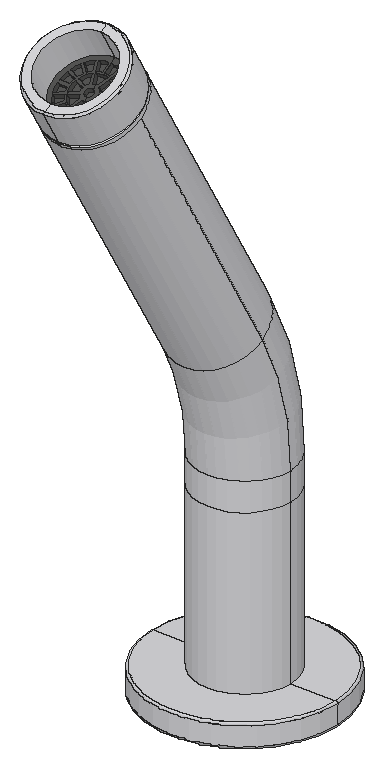
Revit family "Faucet-Wall_Mount-Bath_Spout-KOHLER-Stillness-K-952", category Plumbing Fixtures, host Face, Revit 2015
Parameters (values of type "CP-Polished Chrome")
  Width = 2 1/2"  # constant formula
  Waste Water Outlet = "Waste Water Outlet"  # constant formula
  Waste Connection = 1 = 0  # no
  Vent Connection = 1 = 0  # no
  URL = "https://www.us.kohler.com/us/"
  Type = 1
  Spout Reach = 0"
  Product Page URL = "http://www.us.kohler.com/us/catalog/productDetails.jsp?productNumber=952"
  Product Name = "Stillness"  # constant formula
  Product Documentation Link = "http://www.us.kohler.com/onlinecatalog/pdf/K-952_spec.pdf"
  Pressure = 0.00 psi
  Model = if(Type = 1, "K-952-CP", if(Type = 2, "K-952-BN", "NA"))  # "K-952-CP"
  Material = "Brass Construction"  # constant formula
  MasterFormat 2004 = "22.41.39"  # constant formula
  MasterFormat 1995 = "15410"  # constant formula
  Manufacturer Address = "444 Highland Dr, Kohler, WI 53044"  # constant formula
  Manufacturer = "KOHLER Co."  # constant formula
  Length = 8 3/4"  # constant formula
  Hot Water Inlet = "Tempered Water Inlet"  # constant formula
  Height = 2 1/2"  # constant formula
  Handle Clearance = 0"
  HW Connection = 1 = 1  # yes
  Flow Rate = 0 GPM
  Finish = Kohler-Metal-CP-Polished_Chrome
  Faucet Hole Spacing = 0"
  Environmental Product Declaration = ""
  Drain Included = 1 = 0  # no
  Description = "Wall-mount bath spout"  # constant formula
  Default Elevation = 36"
  Declare Label = ""
  Date Modified = "12/19/2018"  # constant formula
  Date Created = "12/19/2018"  # constant formula
  Copyright = "Copyright KOHLER Co."  # constant formula
  Contact Us = "https://www.us.kohler.com/us/static/contact.jsp"
  Cold Water Inlet = "Cold Water Inlet"  # constant formula
  CW Connection = 1 = 0  # no
  Assembly Code = "D2010"
  ADA Compliant = 1 = 1  # yes
Types (3): name | Type | Model | Finish
  (no name) | 1 | "K-952-CP" | Kohler-Metal-CP-Polished_Chrome
  BN-Vibrant Brushed Nickel | 2 | "K-952-BN" | Kohler-Metal-BN-Vibrant_Brushed_Nickel
  CP-Polished Chrome | 1 | "K-952-CP" | Kohler-Metal-CP-Polished_Chrome
Reference planes (in)
  plane 1 "Center (Front/Back)": y = 0
  plane 2: z = 0
  plane 3 "Center (Left/Right)": x = 0
  plane 4: x = 1.25
  plane 5: y = 1.25
  plane 6: x = -1.25
  plane 7: y = -1.25
  plane 8: z = 8.75
  plane 9: y = -2.83722
Dimensions and locks (in)
  "Length": plane 8 to level
  "Width": plane 4 to plane 6
  "Height": plane 5 to plane 7
  aligned and locked: host face to plane 2
  aligned and locked: host face to level
Automatic sketch dimensions
  host sketch curve to host sketch curve = 96"  (x2)
Nested families (in)
  nested 1: "K-952" at (0, 0, 0), type "K-952"
Connectors (in)
  piping at (0, 0, 0), diameter 0.5, driven by "HW Connection", driven by "Hot Water Inlet"
    settings: on nested 1, index 1, connector inside diameter 24", connector length 0", flow factor 0, pipe flow 0 GPM, pressure drop 0.00 psi, fitting loss kfactor 0, connector angle 0.00°, fixture units 0, engagement length 0", angle of deflection 0.00°, flow configuration 0, flow direction 1, fitting loss method 0, system type 19, joint type 0, gender type 0, connector reference index -1, connector utility 1, adjustable connector no, is connector primary yes, connector description "Tempered Water Inlet"
Definition of nested family "K-952"
  Parameters (values of type "K-952")
    Material = none
  Reference planes (in)
    plane 1 "Center (Front/Back)": y = 0
    plane 2: z = 0
    plane 3 "Center (Left/Right)": x = 0
    plane 4: x = 1.25
    plane 5: x = -1.25
    plane 6: y = -1.25
    plane 7: y = 1.25
    plane 8: z = 8.75
    plane 9: through (0, -2.28768, 9.04192) normal (0, -0.5, 0.866)
  Forms (in)
    Revolve 1, solid, material <- "Material", detail levels medium+fine
      sketch origin (0, 0, 0) x (1, 0, 0) y (0, 0, 1)
        loop
          line (0, 0) -> (1.2197, 0)
          arc (1.2197, 0) -> (1.24113, 0.00887) -> (1.25, 0.0303) r 0.0303
          line (1.25, 0.0303) -> (1.25, 0.28482)
          arc (1.25, 0.28482) -> (1.24204, 0.30404) -> (1.22282, 0.312) r 0.02718
          line (1.22282, 0.312) -> (0.625, 0.312) -> (0.625, 2.50278) -> (0, 2.682) -> (0, 0)
        axis (0, 2.682) -> (0, 0)
      angle from 0 to 360
    Revolve 2, solid, material <- "Material", detail levels medium+fine
      sketch origin (0, 0, 0) x (0, 1, 0) y (0, 0, 1)
        loop
          line (-2.50128, 8.16705) -> (-2.6054, 8.3474) -> (-3.02973, 8.10242) -> (-3.26217, 8.50501) -> (-3.35759, 8.44993) -> (-3.36668, 8.41598) -> (-3.11411, 7.97851) -> (-3.08458, 7.99556) -> (-3.06862, 7.96791) -> (-3.09815, 7.95086) -> (-3.07461, 7.91008) -> (-3.01301, 7.8716) -> (-2.50128, 8.16705)
        axis (-2.83784, 8.75) -> (-2.50128, 8.16705)
      angle from 0 to 360
    Extrusion 3, void
      sketch origin (0, -2.28768, 9.04192) x (0, 0.866025, 0.5) y (-1, 0, 0)
        loop
          arc (-0.59731, -0.11039) -> (-0.62391, -0.1132) -> (-0.65042, -0.10969) r 0.11321
          line (-0.65042, -0.10969) -> (-0.70508, -0.23766)
          arc (-0.70508, -0.23766) -> (-0.62466, -0.25161) -> (-0.544, -0.23909) r 0.25162
          line (-0.544, -0.23909) -> (-0.59731, -0.11039)
        loop
          arc (-0.68402, -0.09498) -> (-0.70359, -0.07891) -> (-0.71909, -0.0589) r 0.11321
          line (-0.71909, -0.0589) -> (-0.84833, -0.11079)
          arc (-0.84833, -0.11079) -> (-0.80145, -0.1768) -> (-0.73602, -0.22451) r 0.25162
          line (-0.73602, -0.22451) -> (-0.68402, -0.09498)
        loop
          arc (-0.73285, -0.02488) -> (-0.73562, 0) -> (-0.73285, 0.02488) r 0.11321
          line (-0.73285, 0.02488) -> (-0.8611, 0.07965)
          arc (-0.8611, 0.07965) -> (-0.87404, 0) -> (-0.8611, -0.07965) r 0.25162
          line (-0.8611, -0.07965) -> (-0.73285, -0.02488)
        loop
          arc (-0.71909, 0.0589) -> (-0.70359, 0.07891) -> (-0.68402, 0.09498) r 0.11321
          line (-0.68402, 0.09498) -> (-0.73602, 0.22451)
          arc (-0.73602, 0.22451) -> (-0.80145, 0.1768) -> (-0.84833, 0.11079) r 0.25162
          line (-0.84833, 0.11079) -> (-0.71909, 0.0589)
        loop
          arc (-0.65042, 0.10969) -> (-0.62391, 0.1132) -> (-0.59731, 0.11039) r 0.11321
          line (-0.59731, 0.11039) -> (-0.544, 0.23909)
          arc (-0.544, 0.23909) -> (-0.62466, 0.25161) -> (-0.70508, 0.23766) r 0.25162
          line (-0.70508, 0.23766) -> (-0.65042, 0.10969)
        loop
          arc (-0.56598, 0.09814) -> (-0.5435, 0.08117) -> (-0.52591, 0.05918) r 0.11321
          line (-0.52591, 0.05918) -> (-0.39732, 0.11244)
          arc (-0.39732, 0.11244) -> (-0.44561, 0.17904) -> (-0.51281, 0.22649) r 0.25162
          line (-0.51281, 0.22649) -> (-0.56598, 0.09814)
        loop
          arc (-0.51278, 0.02821) -> (-0.50921, 0.00075) -> (-0.51242, -0.02676) r 0.11321
          line (-0.51242, -0.02676) -> (-0.38434, -0.08145)
          arc (-0.38434, -0.08145) -> (-0.37079, -0.00002) -> (-0.38433, 0.08141) r 0.25162
          line (-0.38433, 0.08141) -> (-0.51278, 0.02821)
        loop
          arc (-0.5267, -0.06045) -> (-0.54404, -0.08169) -> (-0.56598, -0.09814) r 0.11321
          line (-0.56598, -0.09814) -> (-0.51281, -0.22649)
          arc (-0.51281, -0.22649) -> (-0.4456, -0.17902) -> (-0.3973, -0.11241) r 0.25162
          line (-0.3973, -0.11241) -> (-0.5267, -0.06045)
        loop
          arc (-0.31913, -0.28194) -> (-0.27885, -0.23115) -> (-0.24698, -0.1747) r 0.41409
          line (-0.24698, -0.1747) -> (-0.37666, -0.121)
          arc (-0.37666, -0.121) -> (-0.39539, -0.15328) -> (-0.41833, -0.18272) r 0.27393
          line (-0.41833, -0.18272) -> (-0.31913, -0.28194)
        loop
          arc (-0.23405, -0.14368) -> (-0.21637, -0.08124) -> (-0.20867, -0.0168) r 0.41409
          line (-0.20867, -0.0168) -> (-0.349, -0.01682)
          arc (-0.349, -0.01682) -> (-0.35384, -0.0539) -> (-0.36368, -0.08997) r 0.27393
          line (-0.36368, -0.08997) -> (-0.23405, -0.14368)
        loop
          arc (-0.36368, 0.08997) -> (-0.35384, 0.0539) -> (-0.349, 0.01682) r 0.27393
          line (-0.349, 0.01682) -> (-0.20867, 0.0168)
          arc (-0.20867, 0.0168) -> (-0.21637, 0.08124) -> (-0.23405, 0.14368) r 0.41409
          line (-0.23405, 0.14368) -> (-0.36368, 0.08997)
        loop
          arc (-0.24698, 0.1747) -> (-0.27884, 0.23114) -> (-0.31912, 0.28193) r 0.41409
          line (-0.31912, 0.28193) -> (-0.41833, 0.18272)
          arc (-0.41833, 0.18272) -> (-0.39539, 0.15328) -> (-0.37666, 0.121) r 0.27393
          line (-0.37666, 0.121) -> (-0.24698, 0.1747)
        loop
          arc (-0.34299, 0.3056) -> (-0.394, 0.34539) -> (-0.45059, 0.37676) r 0.41409
          line (-0.45059, 0.37676) -> (-0.50426, 0.24714)
          arc (-0.50426, 0.24714) -> (-0.47187, 0.22885) -> (-0.44226, 0.20635) r 0.27393
          line (-0.44226, 0.20635) -> (-0.34299, 0.3056)
        loop
          arc (-0.4817, 0.38945) -> (-0.54391, 0.40658) -> (-0.60803, 0.41384) r 0.41409
          line (-0.60803, 0.41384) -> (-0.60801, 0.27355)
          arc (-0.60801, 0.27355) -> (-0.57126, 0.26911) -> (-0.53544, 0.25976) r 0.27393
          line (-0.53544, 0.25976) -> (-0.4817, 0.38945)
        loop
          arc (-0.64163, 0.41364) -> (-0.70548, 0.40567) -> (-0.76732, 0.38791) r 0.41409
          line (-0.76732, 0.38791) -> (-0.71362, 0.2583)
          arc (-0.71362, 0.2583) -> (-0.67814, 0.2682) -> (-0.64165, 0.27325) r 0.27393
          line (-0.64165, 0.27325) -> (-0.64163, 0.41364)
        loop
          arc (-0.7983, 0.37488) -> (-0.85411, 0.3432) -> (-0.90435, 0.30328) r 0.41409
          line (-0.90435, 0.30328) -> (-0.80513, 0.20409)
          arc (-0.80513, 0.20409) -> (-0.77624, 0.22666) -> (-0.74459, 0.24518) r 0.27393
          line (-0.74459, 0.24518) -> (-0.7983, 0.37488)
        loop
          arc (-0.92802, 0.27942) -> (-0.96745, 0.22896) -> (-0.99863, 0.17302) r 0.41409
          line (-0.99863, 0.17302) -> (-0.86898, 0.11934)
          arc (-0.86898, 0.11934) -> (-0.85091, 0.15109) -> (-0.82877, 0.18015) r 0.27393
          line (-0.82877, 0.18015) -> (-0.92802, 0.27942)
        loop
          arc (-1.01142, 0.14194) -> (-1.02864, 0.08033) -> (-1.03616, 0.0168) r 0.41409
          line (-1.03616, 0.0168) -> (-0.89583, 0.01682)
          arc (-0.89583, 0.01682) -> (-0.89117, 0.05299) -> (-0.88175, 0.08822) r 0.27393
          line (-0.88175, 0.08822) -> (-1.01142, 0.14194)
        loop
          arc (-1.03616, -0.0168) -> (-1.02864, -0.08033) -> (-1.01142, -0.14194) r 0.41409
          line (-1.01142, -0.14194) -> (-0.88175, -0.08822)
          arc (-0.88175, -0.08822) -> (-0.89117, -0.05299) -> (-0.89583, -0.01682) r 0.27393
          line (-0.89583, -0.01682) -> (-1.03616, -0.0168)
        loop
          arc (-0.99863, -0.17302) -> (-0.96745, -0.22896) -> (-0.92802, -0.27942) r 0.41409
          line (-0.92802, -0.27942) -> (-0.82877, -0.18015)
          arc (-0.82877, -0.18015) -> (-0.85091, -0.15109) -> (-0.86898, -0.11934) r 0.27393
          line (-0.86898, -0.11934) -> (-0.99863, -0.17302)
        loop
          arc (-0.90435, -0.30328) -> (-0.85411, -0.3432) -> (-0.7983, -0.37488) r 0.41409
          line (-0.7983, -0.37488) -> (-0.74459, -0.24518)
          arc (-0.74459, -0.24518) -> (-0.77624, -0.22666) -> (-0.80513, -0.20409) r 0.27393
          line (-0.80513, -0.20409) -> (-0.90435, -0.30328)
        loop
          arc (-0.76732, -0.38791) -> (-0.70548, -0.40567) -> (-0.64163, -0.41364) r 0.41409
          line (-0.64163, -0.41364) -> (-0.64165, -0.27325)
          arc (-0.64165, -0.27325) -> (-0.67814, -0.2682) -> (-0.71362, -0.2583) r 0.27393
          line (-0.71362, -0.2583) -> (-0.76732, -0.38791)
        loop
          arc (-0.60803, -0.41384) -> (-0.54391, -0.40658) -> (-0.4817, -0.38945) r 0.41409
          line (-0.4817, -0.38945) -> (-0.53544, -0.25976)
          arc (-0.53544, -0.25976) -> (-0.57126, -0.26911) -> (-0.60801, -0.27355) r 0.27393
          line (-0.60801, -0.27355) -> (-0.60803, -0.41384)
        loop
          arc (-0.45059, -0.37676) -> (-0.394, -0.34539) -> (-0.34299, -0.3056) r 0.41409
          line (-0.34299, -0.3056) -> (-0.44226, -0.20635)
          arc (-0.44226, -0.20635) -> (-0.47187, -0.22885) -> (-0.50426, -0.24714) r 0.27393
          line (-0.50426, -0.24714) -> (-0.45059, -0.37676)
        loop
          circle (-0.62242, 0) r 0.05844
      from -0.4967 to 12
    Extrusion 4, solid, material <- "Material", detail levels coarse
      sketch origin (0, 0, 0) x (1, 0, 0) y (0, 1, 0)
        loop
          circle (0, 0) r 1.25
      from 0 to 0.312
    Sweep 5, solid, material <- "Material", detail levels coarse
      path origin (0, 0, 0) x (0, 1, 0) y (0, 0, 1)
        loop
          line (0, 0.312) -> (0, 2.72374)
          arc (0, 2.72374) -> (-0.14128, 3.79686) -> (-0.55548, 4.79684) r 4.14618
          line (-0.55548, 4.79684) -> (-2.82671, 8.73072)
      profile origin (0, 0, 0.312) x (0, -1, 0) y (1, 0, 0)
        loop
          circle (0, 0) r 0.63464
    Sweep 6, solid, material <- "Material", detail levels medium+fine
      path origin (0, 0, 0) x (0, 1, 0) y (0, 0, 1)
        loop
          line (-2.55688, 8.26336) -> (-0.47813, 4.66285)
          arc (-0.47813, 4.66285) -> (-0.1216, 3.80213) -> (0, 2.87846) r 3.56878
          line (0, 2.87846) -> (0, 2.50278)
      profile origin (0, -2.55688, 8.26336) x (0, 0.866025, 0.5) y (1, 0, 0)
        loop
          circle (0, 0) r 0.625
  Cuts and joins
    Extrusion 3 cuts Revolve 2
    joined: Revolve 1, Revolve 2, Sweep 6
    joined: Extrusion 4, Sweep 5
  Lines and regions (in)
    Masking region 1
      outline origin (0, 0, 0) x (1, 0, 0) y (0, 1, 0)
        loop
          line (-0.625, -2.82671) -> (-0.625, -1.08253)
          arc (-0.625, -1.08253) -> (-1.08253, -0.625) -> (-1.25, 0) r 1.25
          arc (-1.25, 0) -> (-0.88388, 0.88388) -> (0, 1.25) r 1.25
          arc (0, 1.25) -> (0.88388, 0.88388) -> (1.25, 0) r 1.25
          arc (1.25, 0) -> (1.08253, -0.625) -> (0.625, -1.08253) r 1.25
          line (0.625, -1.08253) -> (0.625, -2.82671)
        loop
          spline (-0.62242, -2.82671) -> (-0.61709, -2.89707) -> (-0.60121, -2.96622) -> (-0.57504, -3.03299) -> (-0.53903, -3.09622) -> (-0.4938, -3.15485) -> (-0.44011, -3.20786) -> (-0.3789, -3.25435) -> (-0.31121, -3.29352) -> (-0.23819, -3.32471) -> (-0.16109, -3.34737) -> (-0.08124, -3.36113) -> (0, -3.36574)
          spline (0, -3.36574) -> (0.08124, -3.36113) -> (0.16109, -3.34737) -> (0.23819, -3.32471) -> (0.31121, -3.29352) -> (0.3789, -3.25435) -> (0.44011, -3.20786) -> (0.4938, -3.15485) -> (0.53903, -3.09622) -> (0.57504, -3.03299) -> (0.60121, -2.96622) -> (0.61709, -2.89707) -> (0.62242, -2.82671)
    Masking region 2
      outline origin (0, 0, 0) x (0, 1, 0) y (0, 0, 1)
        loop
          line (-1.21933, 0) -> (1.21933, 0)
          arc (1.21933, 0) -> (1.24102, 0.00898) -> (1.25, 0.03067) r 0.03067
          line (1.25, 0.03067) -> (1.25, 0.28398)
          arc (1.25, 0.28398) -> (1.24179, 0.30379) -> (1.22198, 0.312) r 0.02802
          line (1.22198, 0.312) -> (0.625, 0.312) -> (0.625, 2.88112)
          arc (0.625, 2.88112) -> (0.48244, 3.96398) -> (0.06447, 4.97305) r 4.18385
          line (0.06447, 4.97305) -> (-2.28544, 9.04322) -> (-2.3181, 9.05007) -> (-3.35759, 8.44993) -> (-3.36798, 8.41822) -> (-1.01049, 4.33493)
          arc (-1.01049, 4.33493) -> (-0.72304, 3.64097) -> (-0.625, 2.89626) r 2.87734
          line (-0.625, 2.89626) -> (-0.625, 0.312) -> (-1.22198, 0.312)
          arc (-1.22198, 0.312) -> (-1.24179, 0.30379) -> (-1.25, 0.28398) r 0.02802
          line (-1.25, 0.28398) -> (-1.25, 0.03067)
          arc (-1.25, 0.03067) -> (-1.24102, 0.00898) -> (-1.21933, 0) r 0.03067
    Masking region 3
      outline origin (0, 0, 0) x (1, 0, 0) y (0, 0, 1)
        loop
          line (-0.625, 8.73072) -> (-0.625, 0.312) -> (-1.22348, 0.312)
          arc (-1.22348, 0.312) -> (-1.24223, 0.30423) -> (-1.25, 0.28548) r 0.02652
          line (-1.25, 0.28548) -> (-1.25, 0.02931)
          arc (-1.25, 0.02931) -> (-1.24142, 0.00858) -> (-1.22069, 0) r 0.02931
          line (-1.22069, 0) -> (1.22069, 0)
          arc (1.22069, 0) -> (1.24142, 0.00858) -> (1.25, 0.02931) r 0.02931
          line (1.25, 0.02931) -> (1.25, 0.28548)
          arc (1.25, 0.28548) -> (1.24223, 0.30423) -> (1.22348, 0.312) r 0.02652
          line (1.22348, 0.312) -> (0.625, 0.312) -> (0.625, 8.73072)
        loop
          spline (0.62242, 8.73072) -> (0.62153, 8.74733) -> (0.61887, 8.7639) -> (0.61444, 8.78037) -> (0.60826, 8.79671) -> (0.60035, 8.81285) -> (0.59072, 8.82876) -> (0.57941, 8.84439) -> (0.56644, 8.8597) -> (0.55186, 8.87463) -> (0.53571, 8.88916) -> (0.51802, 8.90324) -> (0.49886, 8.91682)
          spline (0.49886, 8.91682) -> (0.46994, 8.93664) -> (0.43788, 8.95521) -> (0.40289, 8.97241) -> (0.36521, 8.98812) -> (0.32509, 9.00224) -> (0.28279, 9.01467) -> (0.23861, 9.02534) -> (0.19283, 9.03416) -> (0.14576, 9.04109) -> (0.09772, 9.04607) -> (0.04902, 9.04907) -> (0, 9.05007)
          spline (0, 9.05007) -> (-0.04902, 9.04907) -> (-0.09772, 9.04607) -> (-0.14576, 9.04109) -> (-0.19283, 9.03416) -> (-0.23861, 9.02534) -> (-0.28279, 9.01467) -> (-0.32509, 9.00224) -> (-0.36521, 8.98812) -> (-0.40289, 8.97241) -> (-0.43788, 8.95521) -> (-0.46994, 8.93664) -> (-0.49886, 8.91682)
          spline (-0.49886, 8.91682) -> (-0.51802, 8.90324) -> (-0.53571, 8.88916) -> (-0.55186, 8.87463) -> (-0.56644, 8.8597) -> (-0.57941, 8.84439) -> (-0.59072, 8.82876) -> (-0.60035, 8.81285) -> (-0.60826, 8.79671) -> (-0.61444, 8.78037) -> (-0.61887, 8.7639) -> (-0.62153, 8.74733) -> (-0.62242, 8.73072)
    symbolic lines, detail levels medium+fine
      curve 1: line (-0.625, -1.08253, 0) -> (-0.625, -0.00028, 0)
      curve 2: line (0.625, -1.08253, 0) -> (0.625, -0.00028, 0)
      curve 3: arc (-0.625, -0.00028, 0) -> (0, 0.62472, 0) -> (0.625, -0.00028, 0) r 0.625
      curve 4: spline (-0.60015, -2.83784, 0) -> (-0.5797, -2.97236, 0) -> (-0.51974, -3.09772, 0) -> (-0.42437, -3.20536, 0) -> (-0.30007, -3.28795, 0) -> (-0.15533, -3.33988, 0) -> (0, -3.35759, 0) -> (0.15533, -3.33988, 0) -> (0.30007, -3.28795, 0) -> (0.42437, -3.20536, 0) -> (0.51974, -3.09772, 0) -> (0.5797, -2.97236, 0) -> (0.60015, -2.83784, 0) -> (0.5797, -2.70332, 0) -> (0.51974, -2.57797, 0) -> (0.42437, -2.47033, 0) -> (0.30007, -2.38773, 0) -> (0.15533, -2.33581, 0) -> (0, -2.3181, 0) -> (-0.15533, -2.33581, 0) -> (-0.30007, -2.38773, 0) -> (-0.42437, -2.47033, 0) -> (-0.51974, -2.57797, 0) -> (-0.5797, -2.70332, 0) -> (-0.60015, -2.83784, 0)
      curve 5: spline (-0.48997, -2.83784, 0) -> (-0.47328, -2.72802, 0) -> (-0.42433, -2.62568, 0) -> (-0.34646, -2.5378, 0) -> (-0.24499, -2.47036, 0) -> (-0.12681, -2.42797, 0) -> (0, -2.41351, 0) -> (0.12681, -2.42797, 0) -> (0.24499, -2.47036, 0) -> (0.34646, -2.5378, 0) -> (0.42433, -2.62568, 0) -> (0.47328, -2.72802, 0) -> (0.48997, -2.83784, 0) -> (0.47328, -2.94767, 0) -> (0.42433, -3.05001, 0) -> (0.34646, -3.13789, 0) -> (0.24499, -3.20532, 0) -> (0.12681, -3.24771, 0) -> (0, -3.26217, 0) -> (-0.12681, -3.24771, 0) -> (-0.24499, -3.20532, 0) -> (-0.34646, -3.13789, 0) -> (-0.42433, -3.05001, 0) -> (-0.47328, -2.94767, 0) -> (-0.48997, -2.83784, 0)
      curve 6: spline (0.62242, -2.82671, 0) -> (0.60121, -2.6872, 0) -> (0.53903, -2.5572, 0) -> (0.44011, -2.44556, 0) -> (0.31121, -2.3599, 0) -> (0.16109, -2.30605, 0) -> (0, -2.28768, 0) -> (-0.16109, -2.30605, 0) -> (-0.31121, -2.3599, 0) -> (-0.44011, -2.44556, 0) -> (-0.53903, -2.5572, 0) -> (-0.60121, -2.6872, 0) -> (-0.62242, -2.82671, 0)
      curve 7: spline (0.625, -2.57285, 0) -> (0.6037, -2.43276, 0) -> (0.54127, -2.30222, 0) -> (0.44194, -2.19012, 0) -> (0.3125, -2.1041, 0) -> (0.16176, -2.05003, 0) -> (0, -2.03158, 0) -> (-0.16176, -2.05003, 0) -> (-0.3125, -2.1041, 0) -> (-0.44194, -2.19012, 0) -> (-0.54127, -2.30222, 0) -> (-0.6037, -2.43276, 0) -> (-0.625, -2.57285, 0)
      curve 8: spline (-0.47124, -2.72162, 0) -> (-0.45407, -2.76485, 0) -> (-0.43163, -2.80623, 0) -> (-0.40418, -2.84527, 0) -> (-0.37204, -2.88153, 0) -> (-0.33558, -2.91459, 0) -> (-0.29523, -2.94406, 0) -> (-0.25145, -2.9696, 0) -> (-0.20475, -2.99091, 0) -> (-0.15568, -3.00775, 0) -> (-0.1048, -3.01991, 0) -> (-0.05271, -3.02727, 0) -> (0, -3.02973, 0)
      curve 9: spline (0, -3.02973, 0) -> (0.05271, -3.02727, 0) -> (0.1048, -3.01991, 0) -> (0.15568, -3.00775, 0) -> (0.20475, -2.99091, 0) -> (0.25145, -2.9696, 0) -> (0.29523, -2.94406, 0) -> (0.33558, -2.91459, 0) -> (0.37204, -2.88153, 0) -> (0.40418, -2.84527, 0) -> (0.43163, -2.80623, 0) -> (0.45407, -2.76485, 0) -> (0.47124, -2.72162, 0)
      curve 10: spline (0.14194, -2.94229, 0) -> (0.13187, -2.94535, 0) -> (0.12171, -2.94818, 0) -> (0.11147, -2.95078, 0) -> (0.10116, -2.95315, 0) -> (0.09077, -2.9553, 0) -> (0.08033, -2.9572, 0) -> (0.06984, -2.95888, 0) -> (0.05929, -2.96032, 0) -> (0.04871, -2.96153, 0) -> (0.0381, -2.9625, 0) -> (0.02746, -2.96323, 0) -> (0.0168, -2.96372, 0)
      curve 11: line (0.08822, -2.83, 0) -> (0.14194, -2.94229, 0)
      curve 12: line (0.0168, -2.96372, 0) -> (0.01682, -2.84219, 0)
      curve 13: spline (0.01682, -2.84219, 0) -> (0.02289, -2.84181, 0) -> (0.02894, -2.84131, 0) -> (0.03498, -2.84069, 0) -> (0.041, -2.83996, 0) -> (0.04701, -2.83912, 0) -> (0.05299, -2.83815, 0) -> (0.05894, -2.83708, 0) -> (0.06487, -2.83589, 0) -> (0.07076, -2.83458, 0) -> (0.07662, -2.83317, 0) -> (0.08244, -2.83164, 0) -> (0.08822, -2.83, 0)
      curve 14: spline (0.11934, -2.81894, 0) -> (0.12479, -2.81659, 0) -> (0.13019, -2.81413, 0) -> (0.13551, -2.81157, 0) -> (0.14078, -2.80891, 0) -> (0.14597, -2.80615, 0) -> (0.15109, -2.80329, 0) -> (0.15613, -2.80033, 0) -> (0.1611, -2.79727, 0) -> (0.16599, -2.79412, 0) -> (0.1708, -2.79088, 0) -> (0.17552, -2.78754, 0) -> (0.18015, -2.78411, 0)
      curve 15: line (0.18015, -2.78411, 0) -> (0.27942, -2.87006, 0)
      curve 16: line (0.17302, -2.93121, 0) -> (0.11934, -2.81894, 0)
      curve 17: spline (0.27942, -2.87006, 0) -> (0.27145, -2.87622, 0) -> (0.26329, -2.88219, 0) -> (0.25496, -2.88798, 0) -> (0.24645, -2.89359, 0) -> (0.23779, -2.899, 0) -> (0.22896, -2.90421, 0) -> (0.21998, -2.90923, 0) -> (0.21086, -2.91404, 0) -> (0.20159, -2.91865, 0) -> (0.19219, -2.92305, 0) -> (0.18267, -2.92724, 0) -> (0.17302, -2.93121, 0)
      curve 18: spline (0.37488, -2.75772, 0) -> (0.37021, -2.76607, 0) -> (0.36529, -2.7743, 0) -> (0.36013, -2.78242, 0) -> (0.35472, -2.79043, 0) -> (0.34908, -2.79831, 0) -> (0.3432, -2.80606, 0) -> (0.3371, -2.81367, 0) -> (0.33077, -2.82115, 0) -> (0.32422, -2.82848, 0) -> (0.31745, -2.83567, 0) -> (0.31047, -2.8427, 0) -> (0.30328, -2.84957, 0)
      curve 19: line (0.24518, -2.71121, 0) -> (0.37488, -2.75772, 0)
      curve 20: line (0.30328, -2.84957, 0) -> (0.20409, -2.76364, 0)
      curve 21: spline (0.20409, -2.76364, 0) -> (0.20812, -2.75966, 0) -> (0.21204, -2.7556, 0) -> (0.21586, -2.75146, 0) -> (0.21957, -2.74725, 0) -> (0.22317, -2.74297, 0) -> (0.22666, -2.73862, 0) -> (0.23004, -2.73421, 0) -> (0.2333, -2.72973, 0) -> (0.23645, -2.72518, 0) -> (0.23948, -2.72058, 0) -> (0.24239, -2.71593, 0) -> (0.24518, -2.71121, 0)
      curve 22: spline (0.2583, -2.68439, 0) -> (0.26028, -2.67935, 0) -> (0.26213, -2.67428, 0) -> (0.26385, -2.66917, 0) -> (0.26543, -2.66403, 0) -> (0.26689, -2.65886, 0) -> (0.2682, -2.65366, 0) -> (0.26938, -2.64844, 0) -> (0.27043, -2.6432, 0) -> (0.27134, -2.63794, 0) -> (0.27212, -2.63266, 0) -> (0.27275, -2.62737, 0) -> (0.27325, -2.62206, 0)
      curve 23: line (0.27325, -2.62206, 0) -> (0.41364, -2.62205, 0)
      curve 24: line (0.38791, -2.7309, 0) -> (0.2583, -2.68439, 0)
      curve 25: spline (0.41364, -2.62205, 0) -> (0.41301, -2.63133, 0) -> (0.41209, -2.64059, 0) -> (0.4109, -2.64983, 0) -> (0.40943, -2.65904, 0) -> (0.40769, -2.66821, 0) -> (0.40567, -2.67734, 0) -> (0.40338, -2.68642, 0) -> (0.40082, -2.69545, 0) -> (0.39799, -2.70442, 0) -> (0.3949, -2.71332, 0) -> (0.39153, -2.72215, 0) -> (0.38791, -2.7309, 0)
      curve 26: line (0.40012, -2.59293, 0) -> (0.27355, -2.59293, 0)
      curve 27: spline (0.27355, -2.59293, 0) -> (0.27316, -2.58759, 0) -> (0.27262, -2.58227, 0) -> (0.27195, -2.57695, 0) -> (0.27114, -2.57165, 0) -> (0.2702, -2.56637, 0) -> (0.26911, -2.5611, 0) -> (0.26789, -2.55586, 0) -> (0.26653, -2.55064, 0) -> (0.26504, -2.54546, 0) -> (0.26341, -2.5403, 0) -> (0.26165, -2.53517, 0) -> (0.25976, -2.53008, 0)
      curve 28: line (0.25976, -2.53008, 0) -> (0.31263, -2.51111, 0)
      curve 29: line (0.22649, -2.51048, 0) -> (0.09814, -2.55653, 0)
      curve 30: line (0.06045, -2.52251, 0) -> (0.1063, -2.42362, 0)
      curve 31: spline (0.09814, -2.55653, 0) -> (0.09577, -2.55313, 0) -> (0.09325, -2.54982, 0) -> (0.09058, -2.5466, 0) -> (0.08776, -2.54347, 0) -> (0.08479, -2.54045, 0) -> (0.08169, -2.53753, 0) -> (0.07845, -2.53472, 0) -> (0.07509, -2.53203, 0) -> (0.0716, -2.52946, 0) -> (0.06799, -2.52702, 0) -> (0.06427, -2.5247, 0) -> (0.06045, -2.52251, 0)
      curve 32: spline (0.15891, -2.43645, 0) -> (0.1659, -2.44157, 0) -> (0.17267, -2.4469, 0) -> (0.17921, -2.45245, 0) -> (0.18552, -2.45819, 0) -> (0.19158, -2.46413, 0) -> (0.19739, -2.47026, 0) -> (0.20293, -2.47657, 0) -> (0.20821, -2.48304, 0) -> (0.21321, -2.48968, 0) -> (0.21793, -2.49648, 0) -> (0.22236, -2.50341, 0) -> (0.22649, -2.51048, 0)
      curve 33: spline (0.02676, -2.51014, 0) -> (0.02457, -2.5097, 0) -> (0.02236, -2.5093, 0) -> (0.02015, -2.50893, 0) -> (0.01793, -2.5086, 0) -> (0.01571, -2.50831, 0) -> (0.01347, -2.50806, 0) -> (0.01124, -2.50785, 0) -> (0.009, -2.50767, 0) -> (0.00675, -2.50754, 0) -> (0.0045, -2.50744, 0) -> (0.00225, -2.50738, 0) -> (0, -2.50736, 0)
      curve 34: line (0.07213, -2.41814, 0) -> (0.02676, -2.51014, 0)
      curve 35: line (0.11039, -2.58366, 0) -> (0.23909, -2.5375, 0)
      curve 36: spline (0.10969, -2.62966, 0) -> (0.11071, -2.62589, 0) -> (0.11155, -2.6221, 0) -> (0.11223, -2.61827, 0) -> (0.11273, -2.61443, 0) -> (0.11305, -2.61057, 0) -> (0.1132, -2.6067, 0) -> (0.11317, -2.60283, 0) -> (0.11296, -2.59896, 0) -> (0.11258, -2.59511, 0) -> (0.11202, -2.59127, 0) -> (0.11129, -2.58745, 0) -> (0.11039, -2.58366, 0)
      curve 37: line (0.23766, -2.67699, 0) -> (0.10969, -2.62966, 0)
      curve 38: spline (0.23909, -2.5375, 0) -> (0.24299, -2.54883, 0) -> (0.24618, -2.56034, 0) -> (0.24864, -2.57198, 0) -> (0.25037, -2.58372, 0) -> (0.25136, -2.59552, 0) -> (0.25161, -2.60735, 0) -> (0.25112, -2.61917, 0) -> (0.24989, -2.63095, 0) -> (0.24792, -2.64266, 0) -> (0.24522, -2.65426, 0) -> (0.24179, -2.66571, 0) -> (0.23766, -2.67699, 0)
      curve 39: spline (0.22451, -2.70379, 0) -> (0.21807, -2.71412, 0) -> (0.21099, -2.72413, 0) -> (0.20331, -2.7338, 0) -> (0.19503, -2.74309, 0) -> (0.18619, -2.75198, 0) -> (0.1768, -2.76045, 0) -> (0.16691, -2.76847, 0) -> (0.15653, -2.77602, 0) -> (0.1457, -2.78307, 0) -> (0.13444, -2.7896, 0) -> (0.12279, -2.79561, 0) -> (0.11079, -2.80106, 0)
      curve 40: line (0.09498, -2.65875, 0) -> (0.22451, -2.70379, 0)
      curve 41: spline (0.0589, -2.68913, 0) -> (0.06247, -2.68717, 0) -> (0.06595, -2.68509, 0) -> (0.06934, -2.6829, 0) -> (0.07263, -2.68061, 0) -> (0.07583, -2.6782, 0) -> (0.07891, -2.6757, 0) -> (0.08189, -2.6731, 0) -> (0.08475, -2.6704, 0) -> (0.0875, -2.66762, 0) -> (0.09012, -2.66474, 0) -> (0.09261, -2.66179, 0) -> (0.09498, -2.65875, 0)
      curve 42: line (0.11079, -2.80106, 0) -> (0.0589, -2.68913, 0)
      curve 43: spline (0, -2.55479, 0) -> (0.01513, -2.55652, 0) -> (0.02922, -2.56157, 0) -> (0.04132, -2.56962, 0) -> (0.05061, -2.5801, 0) -> (0.05645, -2.59231, 0) -> (0.05844, -2.6054, 0) -> (0.05645, -2.6185, 0) -> (0.05061, -2.63071, 0) -> (0.04132, -2.64119, 0) -> (0.02922, -2.64924, 0) -> (0.01513, -2.65429, 0) -> (0, -2.65602, 0)
      curve 44: line (0.02488, -2.70105, 0) -> (0.07965, -2.81211, 0)
      curve 45: spline (0.07965, -2.81211, 0) -> (0.07322, -2.81389, 0) -> (0.06673, -2.81551, 0) -> (0.06019, -2.81699, 0) -> (0.05362, -2.81831, 0) -> (0.047, -2.81948, 0) -> (0.04035, -2.82049, 0) -> (0.03367, -2.82136, 0) -> (0.02696, -2.82206, 0) -> (0.02024, -2.82261, 0) -> (0.0135, -2.823, 0) -> (0.00675, -2.82324, 0) -> (0, -2.82331, 0)
      curve 46: arc (-0.02488, -2.70105, 0) -> (0, -2.70429, 0) -> (0.02488, -2.70105, 0) r 0.09723
      curve 47: spline (-0.14194, -2.94229, 0) -> (-0.13187, -2.94535, 0) -> (-0.12171, -2.94818, 0) -> (-0.11147, -2.95078, 0) -> (-0.10116, -2.95315, 0) -> (-0.09077, -2.9553, 0) -> (-0.08033, -2.9572, 0) -> (-0.06984, -2.95888, 0) -> (-0.05929, -2.96032, 0) -> (-0.04871, -2.96153, 0) -> (-0.0381, -2.9625, 0) -> (-0.02746, -2.96323, 0) -> (-0.0168, -2.96372, 0)
      curve 48: line (-0.08822, -2.83, 0) -> (-0.14194, -2.94229, 0)
      curve 49: line (-0.0168, -2.96372, 0) -> (-0.01682, -2.84219, 0)
      curve 50: spline (-0.01682, -2.84219, 0) -> (-0.02289, -2.84181, 0) -> (-0.02894, -2.84131, 0) -> (-0.03498, -2.84069, 0) -> (-0.041, -2.83996, 0) -> (-0.04701, -2.83912, 0) -> (-0.05299, -2.83815, 0) -> (-0.05894, -2.83708, 0) -> (-0.06487, -2.83589, 0) -> (-0.07076, -2.83458, 0) -> (-0.07662, -2.83317, 0) -> (-0.08244, -2.83164, 0) -> (-0.08822, -2.83, 0)
      curve 51: spline (-0.11934, -2.81894, 0) -> (-0.12479, -2.81659, 0) -> (-0.13019, -2.81413, 0) -> (-0.13551, -2.81157, 0) -> (-0.14078, -2.80891, 0) -> (-0.14597, -2.80615, 0) -> (-0.15109, -2.80329, 0) -> (-0.15613, -2.80033, 0) -> (-0.1611, -2.79727, 0) -> (-0.16599, -2.79412, 0) -> (-0.1708, -2.79088, 0) -> (-0.17552, -2.78754, 0) -> (-0.18015, -2.78411, 0)
      curve 52: line (-0.18015, -2.78411, 0) -> (-0.27942, -2.87006, 0)
      curve 53: line (-0.17302, -2.93121, 0) -> (-0.11934, -2.81894, 0)
      curve 54: spline (-0.27942, -2.87006, 0) -> (-0.27145, -2.87622, 0) -> (-0.26329, -2.88219, 0) -> (-0.25496, -2.88798, 0) -> (-0.24645, -2.89359, 0) -> (-0.23779, -2.899, 0) -> (-0.22896, -2.90421, 0) -> (-0.21998, -2.90923, 0) -> (-0.21086, -2.91404, 0) -> (-0.20159, -2.91865, 0) -> (-0.19219, -2.92305, 0) -> (-0.18267, -2.92724, 0) -> (-0.17302, -2.93121, 0)
      curve 55: spline (-0.37488, -2.75772, 0) -> (-0.37021, -2.76607, 0) -> (-0.36529, -2.7743, 0) -> (-0.36013, -2.78242, 0) -> (-0.35472, -2.79043, 0) -> (-0.34908, -2.79831, 0) -> (-0.3432, -2.80606, 0) -> (-0.3371, -2.81367, 0) -> (-0.33077, -2.82115, 0) -> (-0.32422, -2.82848, 0) -> (-0.31745, -2.83567, 0) -> (-0.31047, -2.8427, 0) -> (-0.30328, -2.84957, 0)
      curve 56: line (-0.24518, -2.71121, 0) -> (-0.37488, -2.75772, 0)
      curve 57: line (-0.30328, -2.84957, 0) -> (-0.20409, -2.76364, 0)
      curve 58: spline (-0.20409, -2.76364, 0) -> (-0.20812, -2.75966, 0) -> (-0.21204, -2.7556, 0) -> (-0.21586, -2.75146, 0) -> (-0.21957, -2.74725, 0) -> (-0.22317, -2.74297, 0) -> (-0.22666, -2.73862, 0) -> (-0.23004, -2.73421, 0) -> (-0.2333, -2.72973, 0) -> (-0.23645, -2.72518, 0) -> (-0.23948, -2.72058, 0) -> (-0.24239, -2.71593, 0) -> (-0.24518, -2.71121, 0)
      curve 59: spline (-0.2583, -2.68439, 0) -> (-0.26028, -2.67935, 0) -> (-0.26213, -2.67428, 0) -> (-0.26385, -2.66917, 0) -> (-0.26543, -2.66403, 0) -> (-0.26689, -2.65886, 0) -> (-0.2682, -2.65366, 0) -> (-0.26938, -2.64844, 0) -> (-0.27043, -2.6432, 0) -> (-0.27134, -2.63794, 0) -> (-0.27212, -2.63266, 0) -> (-0.27275, -2.62737, 0) -> (-0.27325, -2.62206, 0)
      curve 60: line (-0.27325, -2.62206, 0) -> (-0.41364, -2.62205, 0)
      curve 61: line (-0.38791, -2.7309, 0) -> (-0.2583, -2.68439, 0)
      curve 62: spline (-0.41364, -2.62205, 0) -> (-0.41301, -2.63133, 0) -> (-0.41209, -2.64059, 0) -> (-0.4109, -2.64983, 0) -> (-0.40943, -2.65904, 0) -> (-0.40769, -2.66821, 0) -> (-0.40567, -2.67734, 0) -> (-0.40338, -2.68642, 0) -> (-0.40082, -2.69545, 0) -> (-0.39799, -2.70442, 0) -> (-0.3949, -2.71332, 0) -> (-0.39153, -2.72215, 0) -> (-0.38791, -2.7309, 0)
      curve 63: line (-0.40012, -2.59293, 0) -> (-0.27355, -2.59293, 0)
      curve 64: spline (-0.27355, -2.59293, 0) -> (-0.27316, -2.58759, 0) -> (-0.27262, -2.58227, 0) -> (-0.27195, -2.57695, 0) -> (-0.27114, -2.57165, 0) -> (-0.2702, -2.56637, 0) -> (-0.26911, -2.5611, 0) -> (-0.26789, -2.55586, 0) -> (-0.26653, -2.55064, 0) -> (-0.26504, -2.54546, 0) -> (-0.26341, -2.5403, 0) -> (-0.26165, -2.53517, 0) -> (-0.25976, -2.53008, 0)
      curve 65: line (-0.25976, -2.53008, 0) -> (-0.31263, -2.51111, 0)
      curve 66: line (-0.22649, -2.51048, 0) -> (-0.09814, -2.55653, 0)
      curve 67: line (-0.06045, -2.52251, 0) -> (-0.1063, -2.42362, 0)
      curve 68: spline (-0.09814, -2.55653, 0) -> (-0.09577, -2.55313, 0) -> (-0.09325, -2.54982, 0) -> (-0.09058, -2.5466, 0) -> (-0.08776, -2.54347, 0) -> (-0.08479, -2.54045, 0) -> (-0.08169, -2.53753, 0) -> (-0.07845, -2.53472, 0) -> (-0.07509, -2.53203, 0) -> (-0.0716, -2.52946, 0) -> (-0.06799, -2.52702, 0) -> (-0.06427, -2.5247, 0) -> (-0.06045, -2.52251, 0)
      curve 69: spline (-0.15891, -2.43645, 0) -> (-0.1659, -2.44157, 0) -> (-0.17267, -2.4469, 0) -> (-0.17921, -2.45245, 0) -> (-0.18552, -2.45819, 0) -> (-0.19158, -2.46413, 0) -> (-0.19739, -2.47026, 0) -> (-0.20293, -2.47657, 0) -> (-0.20821, -2.48304, 0) -> (-0.21321, -2.48968, 0) -> (-0.21793, -2.49648, 0) -> (-0.22236, -2.50341, 0) -> (-0.22649, -2.51048, 0)
      curve 70: spline (-0.02676, -2.51014, 0) -> (-0.02457, -2.5097, 0) -> (-0.02236, -2.5093, 0) -> (-0.02015, -2.50893, 0) -> (-0.01793, -2.5086, 0) -> (-0.01571, -2.50831, 0) -> (-0.01347, -2.50806, 0) -> (-0.01124, -2.50785, 0) -> (-0.009, -2.50767, 0) -> (-0.00675, -2.50754, 0) -> (-0.0045, -2.50744, 0) -> (-0.00225, -2.50738, 0) -> (0, -2.50736, 0)
      curve 71: line (-0.07213, -2.41814, 0) -> (-0.02676, -2.51014, 0)
      curve 72: line (-0.11039, -2.58366, 0) -> (-0.23909, -2.5375, 0)
      curve 73: spline (-0.10969, -2.62966, 0) -> (-0.11071, -2.62589, 0) -> (-0.11155, -2.6221, 0) -> (-0.11223, -2.61827, 0) -> (-0.11273, -2.61443, 0) -> (-0.11305, -2.61057, 0) -> (-0.1132, -2.6067, 0) -> (-0.11317, -2.60283, 0) -> (-0.11296, -2.59896, 0) -> (-0.11258, -2.59511, 0) -> (-0.11202, -2.59127, 0) -> (-0.11129, -2.58745, 0) -> (-0.11039, -2.58366, 0)
      curve 74: line (-0.23766, -2.67699, 0) -> (-0.10969, -2.62966, 0)
      curve 75: spline (-0.23909, -2.5375, 0) -> (-0.24299, -2.54883, 0) -> (-0.24618, -2.56034, 0) -> (-0.24864, -2.57198, 0) -> (-0.25037, -2.58372, 0) -> (-0.25136, -2.59552, 0) -> (-0.25161, -2.60735, 0) -> (-0.25112, -2.61917, 0) -> (-0.24989, -2.63095, 0) -> (-0.24792, -2.64266, 0) -> (-0.24522, -2.65426, 0) -> (-0.24179, -2.66571, 0) -> (-0.23766, -2.67699, 0)
      curve 76: spline (-0.22451, -2.70379, 0) -> (-0.21807, -2.71412, 0) -> (-0.21099, -2.72413, 0) -> (-0.20331, -2.7338, 0) -> (-0.19503, -2.74309, 0) -> (-0.18619, -2.75198, 0) -> (-0.1768, -2.76045, 0) -> (-0.16691, -2.76847, 0) -> (-0.15653, -2.77602, 0) -> (-0.1457, -2.78307, 0) -> (-0.13444, -2.7896, 0) -> (-0.12279, -2.79561, 0) -> (-0.11079, -2.80106, 0)
      curve 77: line (-0.09498, -2.65875, 0) -> (-0.22451, -2.70379, 0)
      curve 78: spline (-0.0589, -2.68913, 0) -> (-0.06247, -2.68717, 0) -> (-0.06595, -2.68509, 0) -> (-0.06934, -2.6829, 0) -> (-0.07263, -2.68061, 0) -> (-0.07583, -2.6782, 0) -> (-0.07891, -2.6757, 0) -> (-0.08189, -2.6731, 0) -> (-0.08475, -2.6704, 0) -> (-0.0875, -2.66762, 0) -> (-0.09012, -2.66474, 0) -> (-0.09261, -2.66179, 0) -> (-0.09498, -2.65875, 0)
      curve 79: line (-0.11079, -2.80106, 0) -> (-0.0589, -2.68913, 0)
      curve 80: spline (0, -2.55479, 0) -> (-0.01513, -2.55652, 0) -> (-0.02922, -2.56157, 0) -> (-0.04132, -2.56962, 0) -> (-0.05061, -2.5801, 0) -> (-0.05645, -2.59231, 0) -> (-0.05844, -2.6054, 0) -> (-0.05645, -2.6185, 0) -> (-0.05061, -2.63071, 0) -> (-0.04132, -2.64119, 0) -> (-0.02922, -2.64924, 0) -> (-0.01513, -2.65429, 0) -> (0, -2.65602, 0)
      curve 81: line (-0.02488, -2.70105, 0) -> (-0.07965, -2.81211, 0)
      curve 82: spline (-0.07965, -2.81211, 0) -> (-0.07322, -2.81389, 0) -> (-0.06673, -2.81551, 0) -> (-0.06019, -2.81699, 0) -> (-0.05362, -2.81831, 0) -> (-0.047, -2.81948, 0) -> (-0.04035, -2.82049, 0) -> (-0.03367, -2.82136, 0) -> (-0.02696, -2.82206, 0) -> (-0.02024, -2.82261, 0) -> (-0.0135, -2.823, 0) -> (-0.00675, -2.82324, 0) -> (0, -2.82331, 0)
      curve 83: line (0, 0.625, 0.312) -> (0, -0.625, 0.312)
      curve 84: line (0, -2.03382, 8.60222) -> (0, -3.11188, 7.97981)
      curve 85: line (0, -2.28544, 9.04322) -> (0, -3.36798, 8.41822)
      curve 86: line (0.625, 0, 0.312) -> (-0.625, 0, 0.312)
      curve 87: spline (0.62242, 0, 8.29101) -> (0.61709, 0, 8.33164) -> (0.60121, 0, 8.37156) -> (0.57504, 0, 8.41011) -> (0.53903, 0, 8.44662) -> (0.4938, 0, 8.48047) -> (0.44011, 0, 8.51107) -> (0.3789, 0, 8.53791) -> (0.31121, 0, 8.56053) -> (0.23819, 0, 8.57853) -> (0.16109, 0, 8.59162) -> (0.08124, 0, 8.59956) -> (0, 0, 8.60222)
      curve 88: spline (0, 0, 8.60222) -> (-0.08124, 0, 8.59956) -> (-0.16109, 0, 8.59162) -> (-0.23819, 0, 8.57853) -> (-0.31121, 0, 8.56053) -> (-0.3789, 0, 8.53791) -> (-0.44011, 0, 8.51107) -> (-0.4938, 0, 8.48047) -> (-0.53903, 0, 8.44662) -> (-0.57504, 0, 8.41011) -> (-0.60121, 0, 8.37156) -> (-0.61709, 0, 8.33164) -> (-0.62242, 0, 8.29101)
      curve 89: arc (0.49964, 0, 8.91807) -> (0.00291, 0, 9.04087) -> (-0.49381, 0, 8.91807) r 1.06604
  Dimensions and locks (in)
    aligned and locked: plane 2 to level
